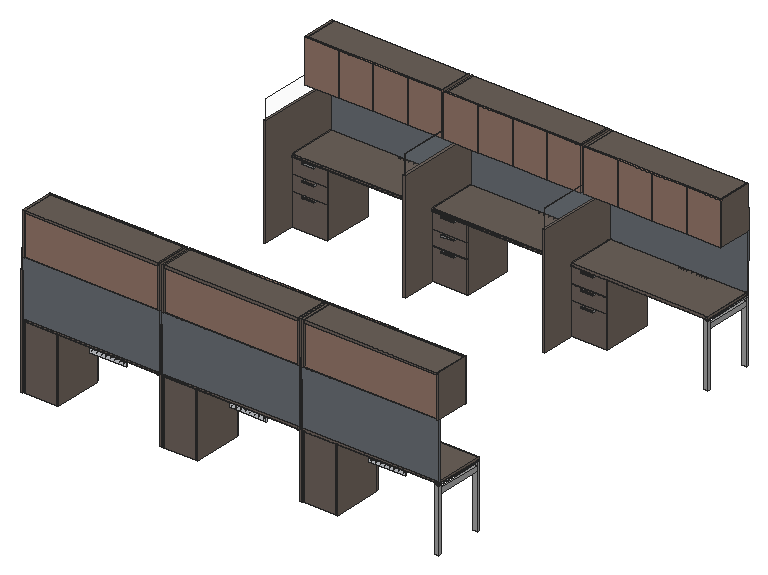
Revit family "OFS TYPICAL T200191", category Furniture, Revit 2022
Family settings
  OmniClass Number = 23.40.20.00
  OmniClass Title = General Furniture and Specialties
  Work Plane-Based = No
  Always vertical = Yes
  Cut with Voids When Loaded = No
  Render Appearance Source = Family Geometry
  Shared = No
  Room Calculation Point = No
Parameters (values of type "T200191")
  URL = "http://ofs.com/"
  Model = "T200191"
  Manufacturer = "OFS"
  Description = "OFS TYPICAL T200191"
  Default Elevation = 0' - 0"
  Copyright © = "©OFS 2025"
  Catalog = ""
  Authoring Version = "Autodesk Revit 2022"
  Assembly Code = "E2020200"
Reference planes (in)
  plane 1 "Center Front/Back": y = 0
  plane 2: z = 0
  plane 3 "Center Left/Right": x = 0
Dimensions and locks (in)
  aligned and locked: level to plane 2
Nested families (in)
  nested 1: "STAKS SUPPORT H LEG" at (165.5, -8.37535, 0) x (-1, 0, 0) z (0, 0, 1), type "STAKS SUPPORT H LEG 22"
  nested 2: "STAKS BENCHING RECTANGULAR WORKSURFACES" at (-6.55498, 1.83365, 0), type "STAKS BENCHING RECTANGULAR WORKSURFACE 60 X 22"
  nested 3: "STAKS BENCHING WORKSURFACE BRACKETS" at (55, -3.0316, 0), type "STAKS BENCHING WORKSURFACE BRACKET 16in"
  nested 4: "STAKS SPINE OR DIVIDER WALL 48in" at (2.83365, 7.55498, 0) x (0, -1, 0) z (0, 0, 1), type "STAKS SPINE OR DIVIDER WALL 48in X 36in"
    with Height Above Floor 4' - 0"
  nested 5: "STAKS FROSTED ACRYLIC PRIVACY PANEL" at (3.2499, -1.5, 0) x (0, 1, 0) z (0, 0, 1), type "STAKS FROSTED ACRYLIC PRIVACY PANEL 35 x 10"
  nested 6: "STAKS WORKSURFACE HEIGHT PEDESTAL - BOX-BOX-FILE - NO RISER SUPPORT" at (-12.16461, -20.00035, 0), type "STAKS WORKSURFACE HEIGHT PEDESTAL - BOX-BOX-FILE - NO RISER SUPPORT 22in D"
  nested 7: "STAKS WALLMOUNT ORGANIZER WITH DOORS Four Doors" at (3.94502, 1.08365, 0), type "STAKS WALLMOUNT ORGANIZER WITH DOORS Four Doors 60in W"
    with Height Above Floor 5' - 11 1/2", 2D Symbol Lines yes
  nested 8: "STAKS BENCHING RECTANGULAR WORKSURFACES" at (54.44502, 1.83365, 0), type "STAKS BENCHING RECTANGULAR WORKSURFACE 60 X 22"
  nested 9: "STAKS BENCHING WORKSURFACE BRACKETS" at (116, -3.0316, 0), type "STAKS BENCHING WORKSURFACE BRACKET 16in"
  nested 10: "STAKS SPINE OR DIVIDER WALL 48in" at (63.83365, 7.55498, 0) x (0, -1, 0) z (0, 0, 1), type "STAKS SPINE OR DIVIDER WALL 48in X 36in"
    with Height Above Floor 4' - 0"
  nested 11: "STAKS FROSTED ACRYLIC PRIVACY PANEL" at (64.2499, -1.5, 0) x (0, 1, 0) z (0, 0, 1), type "STAKS FROSTED ACRYLIC PRIVACY PANEL 35 x 10"
  nested 12: "STAKS WORKSURFACE HEIGHT PEDESTAL - BOX-BOX-FILE - NO RISER SUPPORT" at (48.83539, -20.00035, 0), type "STAKS WORKSURFACE HEIGHT PEDESTAL - BOX-BOX-FILE - NO RISER SUPPORT 22in D"
  nested 13: "STAKS WALLMOUNT ORGANIZER WITH DOORS Four Doors" at (64.94502, 1.08365, 0), type "STAKS WALLMOUNT ORGANIZER WITH DOORS Four Doors 60in W"
    with Height Above Floor 5' - 11 1/2", 2D Symbol Lines yes
  nested 14: "STAKS BENCHING RECTANGULAR WORKSURFACES" at (115.44502, 1.83365, 0), type "STAKS BENCHING RECTANGULAR WORKSURFACE 60 X 22"
  nested 15: "STAKS BENCHING WORKSURFACE BRACKETS" at (177, -3.0316, 0), type "STAKS BENCHING WORKSURFACE BRACKET 16in"
  nested 16: "STAKS SPINE OR DIVIDER WALL 48in" at (124.83365, 7.55498, 0) x (0, -1, 0) z (0, 0, 1), type "STAKS SPINE OR DIVIDER WALL 48in X 36in"
    with Height Above Floor 4' - 0"
  nested 17: "STAKS FROSTED ACRYLIC PRIVACY PANEL" at (125.2499, -1.5, 0) x (0, 1, 0) z (0, 0, 1), type "STAKS FROSTED ACRYLIC PRIVACY PANEL 35 x 10"
  nested 18: "STAKS WORKSURFACE HEIGHT PEDESTAL - BOX-BOX-FILE - NO RISER SUPPORT" at (109.83539, -20.00035, 0), type "STAKS WORKSURFACE HEIGHT PEDESTAL - BOX-BOX-FILE - NO RISER SUPPORT 22in D"
  nested 19: "STAKS WALLMOUNT ORGANIZER WITH DOORS Four Doors" at (125.94502, 1.08365, 0), type "STAKS WALLMOUNT ORGANIZER WITH DOORS Four Doors 60in W"
    with Height Above Floor 5' - 11 1/2", 2D Symbol Lines yes
  nested 20: "STAKS TACKBOARD ONE-PIECE Fabric" at (31, -0.25, 0), type "STAKS ONE-PIECE TACKBOARD Fabric 60in"
  nested 21: "STAKS TACKBOARD ONE-PIECE Fabric" at (92, -0.25, 0), type "STAKS ONE-PIECE TACKBOARD Fabric 60in"
  nested 22: "STAKS TACKBOARD ONE-PIECE Fabric" at (153, -0.25, 0), type "STAKS ONE-PIECE TACKBOARD Fabric 60in"
  nested 23: "STAKS SUPPORT H LEG" at (165.5, -160.62029, 0) x (-1, 0, 0) z (0, 0, 1), type "STAKS SUPPORT H LEG 22"
  nested 24: "STAKS BENCHING RECTANGULAR WORKSURFACES" at (-6.55498, -170.82929, 0), type "STAKS BENCHING RECTANGULAR WORKSURFACE 60 X 22"
  nested 25: "STAKS BENCHING WORKSURFACE BRACKETS" at (55, -165.96404, 0), type "STAKS BENCHING WORKSURFACE BRACKET 16in"
  nested 26: "STAKS SPINE OR DIVIDER WALL 48in" at (2.83365, -176.55062, 0) x (0, 1, 0) z (0, 0, 1), type "STAKS SPINE OR DIVIDER WALL 48in X 36in"
    with Height Above Floor 4' - 0"
  nested 27: "STAKS FROSTED ACRYLIC PRIVACY PANEL" at (3.2499, -167.49564, 0) x (0, -1, 0) z (0, 0, 1), type "STAKS FROSTED ACRYLIC PRIVACY PANEL 35 x 10"
  nested 28: "STAKS WORKSURFACE HEIGHT PEDESTAL - BOX-BOX-FILE - NO RISER SUPPORT" at (-12.16461, -148.99529, 0), type "STAKS WORKSURFACE HEIGHT PEDESTAL - BOX-BOX-FILE - NO RISER SUPPORT 22in D"
  nested 29: "STAKS WALLMOUNT ORGANIZER WITH DOORS Four Doors" at (3.94502, -170.07929, 0), type "STAKS WALLMOUNT ORGANIZER WITH DOORS Four Doors 60in W"
    with Height Above Floor 5' - 11 1/2", 2D Symbol Lines yes
  nested 30: "STAKS BENCHING RECTANGULAR WORKSURFACES" at (54.44502, -170.82929, 0), type "STAKS BENCHING RECTANGULAR WORKSURFACE 60 X 22"
  nested 31: "STAKS BENCHING WORKSURFACE BRACKETS" at (116, -165.96404, 0), type "STAKS BENCHING WORKSURFACE BRACKET 16in"
  nested 32: "STAKS SPINE OR DIVIDER WALL 48in" at (63.83365, -176.55062, 0) x (0, 1, 0) z (0, 0, 1), type "STAKS SPINE OR DIVIDER WALL 48in X 36in"
    with Height Above Floor 4' - 0"
  nested 33: "STAKS FROSTED ACRYLIC PRIVACY PANEL" at (64.2499, -167.49564, 0) x (0, -1, 0) z (0, 0, 1), type "STAKS FROSTED ACRYLIC PRIVACY PANEL 35 x 10"
  nested 34: "STAKS WORKSURFACE HEIGHT PEDESTAL - BOX-BOX-FILE - NO RISER SUPPORT" at (48.83539, -148.99529, 0), type "STAKS WORKSURFACE HEIGHT PEDESTAL - BOX-BOX-FILE - NO RISER SUPPORT 22in D"
  nested 35: "STAKS WALLMOUNT ORGANIZER WITH DOORS Four Doors" at (64.94502, -170.07929, 0), type "STAKS WALLMOUNT ORGANIZER WITH DOORS Four Doors 60in W"
    with Height Above Floor 5' - 11 1/2", 2D Symbol Lines yes
  nested 36: "STAKS BENCHING RECTANGULAR WORKSURFACES" at (115.44502, -170.82929, 0), type "STAKS BENCHING RECTANGULAR WORKSURFACE 60 X 22"
  nested 37: "STAKS BENCHING WORKSURFACE BRACKETS" at (177, -165.96404, 0), type "STAKS BENCHING WORKSURFACE BRACKET 16in"
  nested 38: "STAKS SPINE OR DIVIDER WALL 48in" at (124.83365, -176.55062, 0) x (0, 1, 0) z (0, 0, 1), type "STAKS SPINE OR DIVIDER WALL 48in X 36in"
    with Height Above Floor 4' - 0"
  nested 39: "STAKS FROSTED ACRYLIC PRIVACY PANEL" at (125.2499, -167.49564, 0) x (0, -1, 0) z (0, 0, 1), type "STAKS FROSTED ACRYLIC PRIVACY PANEL 35 x 10"
  nested 40: "STAKS WORKSURFACE HEIGHT PEDESTAL - BOX-BOX-FILE - NO RISER SUPPORT" at (109.83539, -148.99529, 0), type "STAKS WORKSURFACE HEIGHT PEDESTAL - BOX-BOX-FILE - NO RISER SUPPORT 22in D"
  nested 41: "STAKS WALLMOUNT ORGANIZER WITH DOORS Four Doors" at (125.94502, -170.07929, 0), type "STAKS WALLMOUNT ORGANIZER WITH DOORS Four Doors 60in W"
    with Height Above Floor 5' - 11 1/2", 2D Symbol Lines yes
  nested 42: "STAKS TACKBOARD ONE-PIECE Fabric" at (31, -168.74564, 0), type "STAKS ONE-PIECE TACKBOARD Fabric 60in"
  nested 43: "STAKS TACKBOARD ONE-PIECE Fabric" at (92, -168.74564, 0), type "STAKS ONE-PIECE TACKBOARD Fabric 60in"
  nested 44: "STAKS TACKBOARD ONE-PIECE Fabric" at (153, -168.74564, 0), type "STAKS ONE-PIECE TACKBOARD Fabric 60in"
Definition of nested family "STAKS SUPPORT H LEG"
  Parameters (values of type "STAKS SUPPORT H LEG 36")
    URL = "http://www.ofs.com"
    H LEG WIDTH = 3' - 0"
    Model = "6-36HBA1"
    Manufacturer = "OFS"
    PANEL INSERT = no
    Description = "OFS STAKS SUPPORT H LEG 36\" Width, Use with 36\"D Worksurface (single base)"
    Default Elevation = 0' - 0"
    Copyright © = "©OFS 2018"
    Catalog = "https://ofs.com/products/casegoods/private-office/staks"
    Authoring Version = "Autodesk Revit Architecture 2013"
    Assembly Code = ""
  Types (6): name | H LEG WIDTH | Model | PANEL INSERT | Description
    STAKS SUPPORT H LEG 22 | 1' - 10" | "6-22HBA2" | no | "OFS STAKS SUPPORT H LEG 22\" Width, Use with 22\"D Worksurface (set of two)"
    STAKS SUPPORT H LEG 30 | 2' - 6" | "6-30HBA2" | no | "OFS STAKS SUPPORT H LEG 30\" Width, Use with 30\"D Worksurface (set of two)"
    STAKS SUPPORT H LEG 36 | 3' - 0" | "6-36HBA1" | no | "OFS STAKS SUPPORT H LEG 36\" Width, Use with 36\"D Worksurface (single base)"
    STAKS SUPPORT WITH PANEL INSERT H LEG 22 | 1' - 10" | "6-22HBPA2" | yes | "OFS STAKS SUPPORT WITH PANEL INSERT H LEG 22\" Width, Use with 22\"D Worksurface (set of two)"
    STAKS SUPPORT WITH PANEL INSERT H LEG 30 | 2' - 6" | "6-30HBPA2" | yes | "OFS STAKS SUPPORT WITH PANEL INSERT H LEG 30\" Width, Use with 30\"D Worksurface (set of two)"
    STAKS SUPPORT WITH PANEL INSERT H LEG 36 | 3' - 0" | "6-36HBPA1" | yes | "OFS STAKS SUPPORT WITH PANEL INSERT H LEG 36\" Width, Use with 36\"D Worksurface (single base)"
  Reference planes (in)
    plane 1: z = 0
    plane 2 "Center (Front/Back)": y = -2.62465
    plane 3 "Center (Left/Right)": x = -17.5
    plane 4 "H LEG TOP": z = 27.375
    plane 5: x = -15.5
    plane 6: x = -13.5
    plane 7: y = -20.62465
    plane 8: y = 15.37535
    plane 9: z = 27.181
    plane 10: y = 14.37535
    plane 11: y = -19.62465
    plane 12: z = 25.806
    plane 13: z = 23.806
    plane 14: x = -16.5
    plane 15: x = -15.75
    plane 16: z = 25.056
  Forms (in)
    Extrusion 1, solid
      sketch origin (0, 0, 27.375) x (0, -1, 0) y (1, 0, 0)
        loop
          line (-15.37535, -15.5) -> (-15.37535, -17.5) -> (20.62465, -17.5) -> (20.62465, -15.5) -> (19.62465, -15.5) -> (18.46995, -13.5) -> (-13.22065, -13.5) -> (-14.37535, -15.5) -> (-15.37535, -15.5)
      from -0.194 to 0
    Extrusion 2, solid
      sketch origin (0, 0, 27.375) x (0, -1, 0) y (1, 0, 0)
        loop
          line (-14.37535, -15.5) -> (-15.37535, -15.5) -> (-15.37535, -17.5) -> (-14.37535, -17.5) -> (-14.37535, -15.5)
      from -27.375 to -0.194
    Extrusion 3, solid
      sketch origin (0, 0, 27.375) x (0, -1, 0) y (1, 0, 0)
        loop
          line (19.62465, -17.5) -> (20.62465, -17.5) -> (20.62465, -15.5) -> (19.62465, -15.5) -> (19.62465, -17.5)
      from -27.375 to -0.194
    Extrusion 4, solid
      sketch origin (0, -1.24965, 0) x (1, 0, 0) y (0, 0, 1)
        loop
          line (-16.5, 25.806) -> (-17.5, 25.806) -> (-17.5, 23.806) -> (-16.5, 23.806) -> (-16.5, 25.806)
      from -15.625 to 18.375
    Extrusion 5, solid, visible <- "PANEL INSERT"
      sketch origin (0, -1.24965, 0) x (1, 0, 0) y (0, 0, 1)
        loop
          line (-15.75, 25.056) -> (-16.5, 25.056) -> (-16.5, 0) -> (-15.75, 0) -> (-15.75, 25.056)
      from -15.625 to 18.375
  Lines and regions (in)
    Masking region 1
      outline origin (0, 0, 27.375) x (0, -1, 0) y (1, 0, 0)
        loop
          line (19.62465, -15.5) -> (18.46995, -13.5) -> (-13.22065, -13.5) -> (-14.37535, -15.5) -> (-14.37535, -17.5) -> (19.62465, -17.5) -> (19.62465, -15.5)
    Masking region 2
      outline origin (0, 0, 27.375) x (0, -1, 0) y (1, 0, 0)
        loop
          line (-14.37535, -15.5) -> (-15.37535, -15.5) -> (-15.37535, -17.5) -> (-14.37535, -17.5) -> (-14.37535, -15.5)
    Masking region 3
      outline origin (0, 0, 27.375) x (0, -1, 0) y (1, 0, 0)
        loop
          line (20.62465, -15.5) -> (19.62465, -15.5) -> (19.62465, -17.5) -> (20.62465, -17.5) -> (20.62465, -15.5)
    Masking region 4, visible <- "PANEL INSERT"
      outline origin (0, 0, 27.375) x (0, -1, 0) y (1, 0, 0)
        loop
          line (-14.37535, -15.75) -> (-14.37535, -16.5) -> (19.62465, -16.5) -> (19.62465, -15.75) -> (-14.37535, -15.75)
  Dimensions and locks (in)
    locked: plane 4 "H LEG TOP" to plane 1 at 27.375
    plane 3 "Center (Left/Right)" to plane 5 to plane 6 = 0' - 2" locked, 0' - 2" locked
    equal spacing: plane 7, plane 2 "Center (Front/Back)", plane 8
    "H LEG WIDTH": plane 7 to plane 8
    locked: plane 4 "H LEG TOP" to plane 9 at 0.194
    locked: plane 10 to plane 8 at 1
    locked: plane 7 to plane 11 at 1
    locked: plane 9 to plane 12 at 1.375
    locked: plane 12 to plane 13 at 2
    locked: plane 14 to plane 3 "Center (Left/Right)" at 1
    locked: plane 9 to plane 16 at 2.125
    locked: plane 15 to plane 3 "Center (Left/Right)" at 1.75
    locked: Extrusion 1 sketch curve to Extrusion 1 sketch curve (angle 120.00°)  (x2)
    aligned and locked: level to plane 1
    aligned and locked: plane 9 to Extrusion 1
    aligned and locked: Extrusion 1 to plane 4 "H LEG TOP"
    aligned and locked: Extrusion 1 to plane 8
    aligned and locked: plane 7 to Extrusion 1
    aligned and locked: Extrusion 1 sketch curve to plane 3 "Center (Left/Right)"
    aligned and locked: Extrusion 1 sketch curve to plane 8
    aligned and locked: Extrusion 1 sketch curve to plane 5
    aligned and locked: Extrusion 1 sketch curve to plane 6
    aligned and locked: plane 5 to Extrusion 1 sketch curve
    aligned and locked: plane 7 to Extrusion 1 sketch curve
    aligned and locked: Extrusion 3 to plane 1
    aligned and locked: Extrusion 3 to plane 9
    aligned and locked: Extrusion 2 to plane 9
    aligned and locked: Extrusion 2 to plane 1
    aligned and locked: Extrusion 2 sketch curve to plane 8
    aligned and locked: plane 5 to Extrusion 2 sketch curve
    aligned and locked: Extrusion 2 sketch curve to plane 3 "Center (Left/Right)"
    aligned and locked: plane 10 to Extrusion 2 sketch curve
    aligned and locked: plane 7 to Extrusion 3 sketch curve
    aligned and locked: plane 5 to Extrusion 3 sketch curve
    aligned and locked: Extrusion 3 sketch curve to plane 11
    aligned and locked: Extrusion 3 sketch curve to plane 3 "Center (Left/Right)"
    aligned and locked: Extrusion 4 sketch curve to plane 12
    aligned and locked: plane 13 to Extrusion 4 sketch curve
    aligned and locked: Extrusion 4 sketch curve to plane 3 "Center (Left/Right)"
    aligned and locked: plane 14 to Extrusion 4 sketch curve
    aligned and locked: Extrusion 4 to plane 10
    aligned and locked: plane 11 to Extrusion 4
    aligned and locked: Extrusion 5 sketch curve to plane 16
    aligned and locked: Extrusion 5 sketch curve to plane 14
    aligned and locked: plane 15 to Extrusion 5 sketch curve
    aligned and locked: Extrusion 5 sketch curve to plane 1
    aligned and locked: Extrusion 5 to plane 16
    aligned and locked: Extrusion 5 to plane 1
    aligned and locked: plane 11 to Extrusion 5
    aligned and locked: Extrusion 5 to plane 10
  Automatic sketch dimensions
    Extrusion 1 sketch curve to Extrusion 1 sketch curve = 0' - 1"
    Extrusion 1 sketch curve to plane 7 = 0' - 1"
    Masking region 1 sketch curve to plane 5 = 0' - 0"  (x2)
    Masking region 1 sketch curve to plane 6 = 0' - 0"
    Masking region 1 sketch curve to plane 3 "Center (Left/Right)" = 0' - 0"
    plane 8 to Masking region 1 sketch curve = 0' - 1"
    plane 8 to Masking region 1 sketch curve = 0' - 2.1547"
    Masking region 1 sketch curve to plane 7 = 0' - 2.1547"
    Masking region 1 sketch curve to plane 7 = 0' - 1"
    plane 8 to Masking region 2 sketch curve = 0' - 0"
    Masking region 2 sketch curve to plane 3 "Center (Left/Right)" = 0' - 0"
    Masking region 2 sketch curve to plane 5 = 0' - 0"
    Masking region 2 sketch curve to Masking region 2 sketch curve = 0' - 1"
    Masking region 3 sketch curve to plane 3 "Center (Left/Right)" = 0' - 0"
    plane 7 to Masking region 3 sketch curve = 0' - 0"
    Masking region 3 sketch curve to plane 5 = 0' - 0"
    Masking region 3 sketch curve to plane 7 = 0' - 1"
    plane 10 to Masking region 4 sketch curve = 0' - 0"
    plane 11 to Masking region 4 sketch curve = 0' - 0"
    Masking region 4 sketch curve to plane 14 = 0' - 0"
    Masking region 4 sketch curve to plane 15 = 0' - 0"
Definition of nested family "STAKS BENCHING RECTANGULAR WORKSURFACES"
  Parameters (values of type "STAKS BENCHING RECTANGULAR WORKSURFACE 48 X 22")
    URL = "https://www.ofs.com/"
    SURFACE DEPTH = 1' - 10"
    Model = "6-MCT-48/22"
    Manufacturer = "OFS"
    Description = "OFS STAKS BENCHING 48 X 22 RECTANGULAR WORKSURFACE"
    SURFACE WIDTH = 4' - 0"
    Default Elevation = 0' - 0"
    Copyright © = "© 2018 OFS"
    Catalog = "https://ofs.com/products/open-plan/benching/staks"
    Authoring Version = "Autodesk Revit Architecture 2013"
    Assembly Code = "E2020200"
  Types (21): name | SURFACE DEPTH | Model | Description | SURFACE WIDTH
    STAKS BENCHING RECTANGULAR WORKSURFACE 48 X 22 | 1' - 10" | "6-MCT-48/22" | "OFS STAKS BENCHING 48 X 22 RECTANGULAR WORKSURFACE" | 4' - 0"
    STAKS BENCHING RECTANGULAR WORKSURFACE 60 X 22 | 1' - 10" | "6-MCT-60/22" | "OFS STAKS BENCHING 60 X 22 RECTANGULAR WORKSURFACE" | 5' - 0"
    STAKS BENCHING RECTANGULAR WORKSURFACE 72 X 22 | 1' - 10" | "6-MCT-72/22" | "OFS STAKS BENCHING 72 X 22 RECTANGULAR WORKSURFACE" | 6' - 0"
    STAKS BENCHING RECTANGULAR WORKSURFACE 60 X 36 | 3' - 0" | "6-MCT-60/36" | "OFS STAKS BENCHING 60 X 36 RECTANGULAR WORKSURFACE" | 5' - 0"
    STAKS BENCHING RECTANGULAR WORKSURFACE 72 X 36 | 3' - 0" | "6-MCT-72/36" | "OFS STAKS BENCHING 72 X 36 RECTANGULAR WORKSURFACE" | 6' - 0"
    STAKS BENCHING RECTANGULAR WORKSURFACE 60 X 30 | 2' - 6" | "6-MCT-60/30" | "OFS STAKS BENCHING 60 X 30 RECTANGULAR WORKSURFACE" | 5' - 0"
    STAKS BENCHING RECTANGULAR WORKSURFACE 72 X 30 | 2' - 6" | "6-MCT-72/30" | "OFS STAKS BENCHING 72 X 30 RECTANGULAR WORKSURFACE" | 6' - 0"
    STAKS BENCHING RECTANGULAR WORKSURFACE 48 X 30 | 2' - 6" | "6-MCT-48/30" | "OFS STAKS BENCHING 48 X 30 RECTANGULAR WORKSURFACE" | 4' - 0"
    STAKS BENCHING RECTANGULAR WORKSURFACE 48 X 36 | 3' - 0" | "6-MCT-48/36" | "OFS STAKS BENCHING 48 X 36 RECTANGULAR WORKSURFACE" | 4' - 0"
    STAKS BENCHING RECTANGULAR WORKSURFACE 54 X 22 | 1' - 10" | "6-MCT-54/22" | "OFS STAKS BENCHING 54 X 22 RECTANGULAR WORKSURFACE" | 4' - 6"
    STAKS BENCHING RECTANGULAR WORKSURFACE 66 X 22 | 1' - 10" | "6-MCT-66/22" | "OFS STAKS BENCHING 66 X 22 RECTANGULAR WORKSURFACE" | 5' - 6"
    STAKS BENCHING RECTANGULAR WORKSURFACE 78 X 22 | 1' - 10" | "6-MCT-78/22" | "OFS STAKS BENCHING 78 X 22 RECTANGULAR WORKSURFACE" | 6' - 6"
    STAKS BENCHING RECTANGULAR WORKSURFACE 84 X 22 | 1' - 10" | "6-MCT-84/22" | "OFS STAKS BENCHING 84 X 22 RECTANGULAR WORKSURFACE" | 7' - 0"
    STAKS BENCHING RECTANGULAR WORKSURFACE 54 X 30 | 2' - 6" | "6-MCT-54/30" | "OFS STAKS BENCHING 54 X 30 RECTANGULAR WORKSURFACE" | 4' - 6"
    STAKS BENCHING RECTANGULAR WORKSURFACE 66 X 30 | 2' - 6" | "6-MCT-66/30" | "OFS STAKS BENCHING 66 X 30 RECTANGULAR WORKSURFACE" | 5' - 6"
    STAKS BENCHING RECTANGULAR WORKSURFACE 78 X 30 | 2' - 6" | "6-MCT-78/30" | "OFS STAKS BENCHING 78 X 30 RECTANGULAR WORKSURFACE" | 6' - 6"
    STAKS BENCHING RECTANGULAR WORKSURFACE 84 X 30 | 2' - 6" | "6-MCT-84/30" | "OFS STAKS BENCHING 84 X 30 RECTANGULAR WORKSURFACE" | 7' - 0"
    STAKS BENCHING RECTANGULAR WORKSURFACE 54 X 36 | 3' - 0" | "6-MCT-54/36" | "OFS STAKS BENCHING 54 X 36 RECTANGULAR WORKSURFACE" | 4' - 6"
    STAKS BENCHING RECTANGULAR WORKSURFACE 66 X 36 | 3' - 0" | "6-MCT-66/36" | "OFS STAKS BENCHING 66 X 36 RECTANGULAR WORKSURFACE" | 5' - 6"
    STAKS BENCHING RECTANGULAR WORKSURFACE 78 X 36 | 3' - 0" | "6-MCT-78/36" | "OFS STAKS BENCHING 78 X 36 RECTANGULAR WORKSURFACE" | 6' - 6"
    STAKS BENCHING RECTANGULAR WORKSURFACE 84 X 36 | 3' - 0" | "6-MCT-84/36" | "OFS STAKS BENCHING 84 X 36 RECTANGULAR WORKSURFACE" | 6' - 6"
  Reference planes (in)
    plane 1: z = -0.125
    plane 2 "LEFT": x = 7.55498
    plane 3 "RIGHT": x = 55.55498
    plane 4 "BACK": y = -1.83365
    plane 5 "FRONT": y = -23.83365
    plane 6: x = 7.67998
    plane 7: x = 55.42998
    plane 8: y = -1.95865
    plane 9: y = -23.70865
    plane 10: z = 27.75
    plane 11 "SURFACE TOP": z = 28.875
  Forms (in)
    Extrusion 1, solid
      sketch origin (0, 0, 17.125) x (-1, 0, 0) y (0, -1, 0)
        loop
          line (-7.67998, 1.95865) -> (-7.67998, 23.70865) -> (-55.42998, 23.70865) -> (-55.42998, 1.95865) -> (-7.67998, 1.95865)
      from 11.75 to 10.625
    Sweep 2, solid
      path origin (0, 0, 28.875) x (0, 1, 0) y (-1, 0, 0)
        loop
          line (-23.83365, -7.55498) -> (-23.83365, -55.55498) -> (-1.83365, -55.55498) -> (-1.83365, -7.55498) -> (-23.83365, -7.55498)
      profile origin (31.55498, -23.83365, 28.875) x (0, 1, 0) y (0, 0, 1)
        loop
          arc (0.125, 0) -> (0.03661, -0.03661) -> (0, -0.125) r 0.125
          line (0, -0.125) -> (0, -1)
          arc (0, -1) -> (0.03661, -1.08839) -> (0.125, -1.125) r 0.125
          line (0.125, -1.125) -> (0.125, 0)
  Lines and regions (in)
    Masking region 1
      outline origin (0, 0, 16.625) x (-1, 0, 0) y (0, -1, 0)
        loop
          line (-7.67998, 1.95865) -> (-7.55498, 1.83365) -> (-7.55498, 23.83365) -> (-7.67998, 23.70865) -> (-7.67998, 1.95865)
    Masking region 2
      outline origin (0, 0, 16.625) x (-1, 0, 0) y (0, -1, 0)
        loop
          line (-7.55498, 1.83365) -> (-7.67998, 1.95865) -> (-55.42998, 1.95865) -> (-55.55498, 1.83365) -> (-7.55498, 1.83365)
    Masking region 3
      outline origin (0, 0, 16.625) x (-1, 0, 0) y (0, -1, 0)
        loop
          line (-55.55498, 1.83365) -> (-55.42998, 1.95865) -> (-55.42998, 23.70865) -> (-55.55498, 23.83365) -> (-55.55498, 1.83365)
    Masking region 4
      outline origin (0, 0, 16.625) x (-1, 0, 0) y (0, -1, 0)
        loop
          line (-55.55498, 23.83365) -> (-55.42998, 23.70865) -> (-7.67998, 23.70865) -> (-7.55498, 23.83365) -> (-55.55498, 23.83365)
    Masking region 5
      outline origin (0, 0, 16.625) x (-1, 0, 0) y (0, -1, 0)
        loop
          line (-55.42998, 23.70865) -> (-55.42998, 1.95865) -> (-7.67998, 1.95865) -> (-7.67998, 23.70865) -> (-55.42998, 23.70865)
  Dimensions and locks (in)
    "SURFACE DEPTH": plane 4 "BACK" to plane 5 "FRONT"
    "SURFACE WIDTH": plane 2 "LEFT" to plane 3 "RIGHT"
    locked: plane 11 "SURFACE TOP" to plane 10 at 1.125
    locked: plane 4 "BACK" to plane 8 at 0.125
    locked: plane 2 "LEFT" to plane 6 at 0.125
    locked: plane 7 to plane 3 "RIGHT" at 0.125
    locked: plane 9 to plane 5 "FRONT" at 0.125
    aligned: level to plane 1
    aligned and locked: plane 8 to Extrusion 1 sketch curve
    aligned and locked: Extrusion 1 sketch curve to plane 6
    aligned and locked: Extrusion 1 sketch curve to plane 9
    aligned and locked: plane 7 to Extrusion 1 sketch curve
    aligned and locked: plane 11 "SURFACE TOP" to Extrusion 1
    aligned and locked: Extrusion 1 to plane 10
    aligned and locked: Sweep 2 sketch curve to plane 5 "FRONT"
    aligned and locked: Sweep 2 sketch curve to plane 2 "LEFT"
    aligned and locked: plane 4 "BACK" to Sweep 2 sketch curve
    aligned and locked: plane 3 "RIGHT" to Sweep 2 sketch curve
  Automatic sketch dimensions
    Masking region 1 sketch curve to plane 6 = 0' - 0"
    Masking region 1 sketch curve to plane 2 "LEFT" = 0' - 0"
    Masking region 1 sketch curve to plane 4 "BACK" = 0' - 0"
    Masking region 1 sketch curve to plane 8 = 0' - 0"
    Masking region 1 sketch curve to plane 9 = 0' - 0"
    Masking region 1 sketch curve to plane 5 "FRONT" = 0' - 0"
    Masking region 2 sketch curve to plane 3 "RIGHT" = 0' - 0"
    Masking region 2 sketch curve to plane 7 = 0' - 0"
    Masking region 2 sketch curve to plane 6 = 0' - 0"
    Masking region 2 sketch curve to plane 2 "LEFT" = 0' - 0"
    Masking region 2 sketch curve to plane 4 "BACK" = 0' - 0"
    Masking region 2 sketch curve to plane 8 = 0' - 0"
    Masking region 3 sketch curve to plane 3 "RIGHT" = 0' - 0"
    Masking region 3 sketch curve to plane 7 = 0' - 0"
    Masking region 3 sketch curve to plane 4 "BACK" = 0' - 0"
    Masking region 3 sketch curve to plane 8 = 0' - 0"
    Masking region 3 sketch curve to plane 9 = 0' - 0"
    Masking region 3 sketch curve to plane 5 "FRONT" = 0' - 0"
    Masking region 4 sketch curve to plane 3 "RIGHT" = 0' - 0"
    Masking region 4 sketch curve to plane 7 = 0' - 0"
    Masking region 4 sketch curve to plane 6 = 0' - 0"
    Masking region 4 sketch curve to plane 2 "LEFT" = 0' - 0"
    Masking region 4 sketch curve to plane 9 = 0' - 0"
    Masking region 4 sketch curve to plane 5 "FRONT" = 0' - 0"
    Masking region 5 sketch curve to plane 7 = 0' - 0"
    Masking region 5 sketch curve to plane 6 = 0' - 0"
    Masking region 5 sketch curve to plane 8 = 0' - 0"
    Masking region 5 sketch curve to plane 9 = 0' - 0"
    Sweep 2 sketch curve to profile plane = 0' - 0"
    Sweep 2 sketch curve to plane 11 "SURFACE TOP" = 0' - 0"
    Sweep 2 sketch curve to profile plane = 0' - 0 1/8"
    Sweep 2 sketch curve to Sweep 2 sketch curve = 0' - 0 7/8"
Definition of nested family "STAKS BENCHING WORKSURFACE BRACKETS"
  Parameters (values of type "STAKS BENCHING WORKSURFACE BRACKET 16in")
    Width = 1' - 4"
    URL = "http://www.ofs.com/"
    Model = "SCWBKT-1"
    Manufacturer = "OFS"
    Height From Floor = 2' - 3 7/8"
    Height = 0' - 2"
    Description = "OFS STAKS BENCHING WORKSURFACE BRACKET 16in, Connects Worksurface Height or Low Height Worksurface to Storage Towers, Spine or Divider Wall Panel"
    Depth = 0' - 2"
    Default Elevation = 0' - 0"
    Copyright © = "© 2018 OFS"
    Catalog = "https://ofs.com/products/open-plan/benching/staks"
    Bracket Material = none
    Authoring Version = "Autodesk Revit Architecture 2013"
    Assembly Code = "E2020200"
  Types (2): name | Width | Model | Height | Description | Depth
    STAKS BENCHING WORKSURFACE BRACKET 16in | 1' - 4" | "SCWBKT-1" | 0' - 2" | "OFS STAKS BENCHING WORKSURFACE BRACKET 16in, Connects Worksurface Height or Low Height Worksurface to Storage Towers, Spine or Divider Wall Panel" | 0' - 2"
    STAKS BENCHING WORKSURFACE BRACKET 8in | 0' - 8" | "SCWBKT-2" | 0' - 1 1/4" | "OFS STAKS BENCHING WORKSURFACE BRACKET 8in, Connects Worksurface Height or Low Height Worksurface to Spine or Divider Wall Panel" | 0' - 1 1/4"
  Reference planes (in)
    plane 1: z = 0
    plane 2 "Center (Front/Back)": y = 2.0316
    plane 3 "LEFT": x = -24.5
    plane 4 "BASE TOP": z = 27.875
    plane 5 "RIGHT": x = -8.5
    plane 6: z = 25.875
    plane 7: y = 3.0316
    plane 8 "CENTER": x = -16.5
    plane 9: y = 1.0316
  Forms (in)
    Extrusion 1, solid
      sketch origin (-16.5, 0, 0) x (0, 1, 0) y (0, 0, 1)
        loop
          arc (3.0316, 27.625) -> (2.95838, 27.80178) -> (2.7816, 27.875) r 0.25
          line (2.7816, 27.875) -> (1.0316, 27.875) -> (1.0316, 27.8125) -> (2.7816, 27.8125)
          arc (2.7816, 27.8125) -> (2.91418, 27.75758) -> (2.9691, 27.625) r 0.1875
          line (2.9691, 27.625) -> (2.9691, 25.875) -> (3.0316, 25.875) -> (3.0316, 27.625)
      from -8 to 8
    Extrusion 2, void
      sketch origin (0, -0.375, 0) x (1, 0, 0) y (0, 1, 0)
        loop
          circle (-15.5, 1.63818) r 0.09375
        loop
          circle (-13.5, 1.63818) r 0.09375
        loop
          circle (-17.5, 1.63818) r 0.09375
        loop
          circle (-19.5, 1.63818) r 0.09375
        loop
          circle (-11.5, 1.63818) r 0.09375
        loop
          circle (-9.5, 1.63818) r 0.09375
        loop
          circle (-21.5, 1.63818) r 0.09375
        loop
          circle (-23.5, 1.63818) r 0.09375
      from 25.875 to 28.93659
    Extrusion 3, void
      sketch origin (0, -25.5934, 25.2184) x (1, 0, 0) y (0, 0, -1)
        loop
          circle (-15.5, -1.63818) r 0.09375
        loop
          circle (-13.5, -1.63818) r 0.09375
        loop
          circle (-17.5, -1.63818) r 0.09375
        loop
          circle (-19.5, -1.63818) r 0.09375
        loop
          circle (-11.5, -1.63818) r 0.09375
        loop
          circle (-9.5, -1.63818) r 0.09375
        loop
          circle (-21.5, -1.63818) r 0.09375
        loop
          circle (-23.5, -1.63818) r 0.09375
      from 26.625 to 29.80914
    Extrusion 4, void, not visible
      sketch origin (0, 0, 0) x (1, 0, 0) y (0, 1, 0)
        loop
          circle (-15.5, 1.63818) r 0.09375
        loop
          circle (-13.5, 1.63818) r 0.09375
        loop
          circle (-17.5, 1.63818) r 0.09375
        loop
          circle (-19.5, 1.63818) r 0.09375
        loop
          circle (-11.5, 1.63818) r 0.09375
        loop
          circle (-9.5, 1.63818) r 0.09375
        loop
          circle (-21.5, 1.63818) r 0.09375
        loop
          circle (-23.5, 1.63818) r 0.09375
      from 25.875 to 28.93659
    Extrusion 5, void, not visible
      sketch origin (0, -25.2184, 25.2184) x (1, 0, 0) y (0, 0, -1)
        loop
          circle (-15.5, -1.63818) r 0.09375
        loop
          circle (-13.5, -1.63818) r 0.09375
        loop
          circle (-17.5, -1.63818) r 0.09375
        loop
          circle (-19.5, -1.63818) r 0.09375
        loop
          circle (-11.5, -1.63818) r 0.09375
        loop
          circle (-9.5, -1.63818) r 0.09375
        loop
          circle (-21.5, -1.63818) r 0.09375
        loop
          circle (-23.5, -1.63818) r 0.09375
      from 26.625 to 29.80914
  Cuts and joins
    Extrusion 2, Extrusion 3 cuts Extrusion 1
  Dimensions and locks (in)
    "Height From Floor": plane 4 "BASE TOP" to plane 1
    "Height": plane 4 "BASE TOP" to plane 6
    equal spacing: plane 3 "LEFT", plane 8 "CENTER", plane 5 "RIGHT"
    equal spacing: plane 9, plane 2 "Center (Front/Back)", plane 7
    "Width": plane 3 "LEFT" to plane 5 "RIGHT"
    "Depth": plane 9 to plane 7
    aligned and locked: level to plane 1
    aligned and locked: plane 7 to Extrusion 1 sketch curve
    aligned and locked: plane 4 "BASE TOP" to Extrusion 1 sketch curve
    aligned and locked: plane 6 to Extrusion 1 sketch curve
    aligned and locked: plane 9 to Extrusion 1 sketch curve
    aligned and locked: plane 5 "RIGHT" to Extrusion 1
    aligned and locked: Extrusion 1 to plane 3 "LEFT"
    aligned and locked: plane 9 to Extrusion 3
  Automatic sketch dimensions
    Extrusion 1 sketch curve to Extrusion 1 sketch curve = 0' - 0"  (x2)
    plane 7 to Extrusion 1 sketch curve = 0' - 0 1/4"
    plane 4 "BASE TOP" to Extrusion 1 sketch curve = 0' - 0 1/16"
    Extrusion 2 sketch curve to Extrusion 2 sketch curve = 0' - 2"  (x7)
    Extrusion 3 sketch curve to Extrusion 3 sketch curve = 0' - 2"  (x7)
    Extrusion 2 sketch curve to Extrusion 2 sketch curve = 0' - 0"  (x7)
    Extrusion 3 sketch curve to Extrusion 3 sketch curve = 0' - 0"  (x7)
    Extrusion 4 sketch curve to Extrusion 4 sketch curve = 0' - 2"  (x7)
    Extrusion 5 sketch curve to Extrusion 5 sketch curve = 0' - 2"  (x7)
    Extrusion 4 sketch curve to Extrusion 4 sketch curve = 0' - 0"  (x7)
    Extrusion 5 sketch curve to Extrusion 5 sketch curve = 0' - 0"  (x7)
    radius of Extrusion 2 sketch curve = 0' - 0 3/32"  (x8)
    radius of Extrusion 3 sketch curve = 0' - 0 3/32"  (x8)
    radius of Extrusion 4 sketch curve = 0' - 0 3/32"  (x8)
    radius of Extrusion 5 sketch curve = 0' - 0 3/32"  (x8)
Definition of nested family "STAKS SPINE OR DIVIDER WALL 48in"
  Parameters (values of type "STAKS SPINE OR DIVIDER WALL 48in X 24in")
    URL = "http://www.ofs.com/"
    Height Above Floor [instance] = 4' - 0"
    Height = 4' - 0"
    Depth = 0' - 1"
    Model = "6-PAN-48/24"
    Manufacturer = "OFS"
    Description = "OFS STAKS SPINE OR DIVIDER WALL 48\" Height x 24\" Width, Levelers allow 2.5\" Height Adjustability for Uneven Floor"
    Width = 2' - 0"
    Default Elevation = 0' - 0"
    Copyright © = "© 2018 OFS"
    Catalog = "https://ofs.com/products/casegoods/private-office/staks"
    Authoring Version = "Autodesk Revit Architecture 2013"
    Assembly Code = "E2020200"
  Types (19): name | Model | Description | Width
    STAKS SPINE OR DIVIDER WALL 48in X 24in | "6-PAN-48/24" | "OFS STAKS SPINE OR DIVIDER WALL 48\" Height x 24\" Width, Levelers allow 2.5\" Height Adjustability for Uneven Floor" | 2' - 0"
    STAKS SPINE OR DIVIDER WALL 48in X 33in | "6-PAN-48/33" | "OFS STAKS SPINE OR DIVIDER WALL 48\" Height x 33\" Width, Levelers allow 2.5\" Height Adjustability for Uneven Floor" | 2' - 9"
    STAKS SPINE OR DIVIDER WALL 48in X 26in | "6-PAN-48/26" | "OFS STAKS SPINE OR DIVIDER WALL 48\" Height x 26\" Width, Levelers allow 2.5\" Height Adjustability for Uneven Floor" | 2' - 2"
    STAKS SPINE OR DIVIDER WALL 48in X 30in | "6-PAN-48/30" | "OFS STAKS SPINE OR DIVIDER WALL 48\" Height x 30\" Width, Levelers allow 2.5\" Height Adjustability for Uneven Floor" | 2' - 6"
    STAKS SPINE OR DIVIDER WALL 48in X 36in | "6-PAN-48/36" | "OFS STAKS SPINE OR DIVIDER WALL 48\" Height x 36\" Width, Levelers allow 2.5\" Height Adjustability for Uneven Floor" | 3' - 0"
    STAKS SPINE OR DIVIDER WALL 48in X 37in | "6-PAN-48/37" | "OFS STAKS SPINE OR DIVIDER WALL 48\" Height x 37\" Width, Levelers allow 2.5\" Height Adjustability for Uneven Floor" | 3' - 1"
    STAKS SPINE OR DIVIDER WALL 48in X 39in | "6-PAN-48/39" | "OFS STAKS SPINE OR DIVIDER WALL 48\" Height x 39\" Width, Levelers allow 2.5\" Height Adjustability for Uneven Floor" | 3' - 3"
    STAKS SPINE OR DIVIDER WALL 48in X 40in | "6-PAN-48/40" | "OFS STAKS SPINE OR DIVIDER WALL 48\" Height x 40\" Width, Levelers allow 2.5\" Height Adjustability for Uneven Floor" | 3' - 4"
    STAKS SPINE OR DIVIDER WALL 48in X 42in | "6-PAN-48/42" | "OFS STAKS SPINE OR DIVIDER WALL 48\" Height x 42\" Width, Levelers allow 2.5\" Height Adjustability for Uneven Floor" | 3' - 6"
    STAKS SPINE OR DIVIDER WALL 48in X 44in | "6-PAN-48/44" | "OFS STAKS SPINE OR DIVIDER WALL 48\" Height x 44\" Width, Levelers allow 2.5\" Height Adjustability for Uneven Floor" | 3' - 8"
    STAKS SPINE OR DIVIDER WALL 48in X 45in | "6-PAN-48/45" | "OFS STAKS SPINE OR DIVIDER WALL 48\" Height x 45\" Width, Levelers allow 2.5\" Height Adjustability for Uneven Floor" | 3' - 9"
    STAKS SPINE OR DIVIDER WALL 48in X 47in | "6-PAN-48/47" | "OFS STAKS SPINE OR DIVIDER WALL 48\" Height x 47\" Width, Levelers allow 2.5\" Height Adjustability for Uneven Floor" | 3' - 11"
    STAKS SPINE OR DIVIDER WALL 48in X 48in | "6-PAN-48/48" | "OFS STAKS SPINE OR DIVIDER WALL 48\" Height x 48\" Width, Levelers allow 2.5\" Height Adjustability for Uneven Floor" | 4' - 0"
    STAKS SPINE OR DIVIDER WALL 48in X 49in | "6-PAN-48/49" | "OFS STAKS SPINE OR DIVIDER WALL 48\" Height x 49\" Width, Levelers allow 2.5\" Height Adjustability for Uneven Floor" | 4' - 1"
    STAKS SPINE OR DIVIDER WALL 48in X 52in | "6-PAN-48/52" | "OFS STAKS SPINE OR DIVIDER WALL 48\" Height x 52\" Width, Levelers allow 2.5\" Height Adjustability for Uneven Floor" | 4' - 4"
    STAKS SPINE OR DIVIDER WALL 48in X 54in | "6-PAN-48/54" | "OFS STAKS SPINE OR DIVIDER WALL 48\" Height x 54\" Width, Levelers allow 2.5\" Height Adjustability for Uneven Floor" | 4' - 6"
    STAKS SPINE OR DIVIDER WALL 48in X 56in | "6-PAN-48/56" | "OFS STAKS SPINE OR DIVIDER WALL 48\" Height x 56\" Width, Levelers allow 2.5\" Height Adjustability for Uneven Floor" | 4' - 8"
    STAKS SPINE OR DIVIDER WALL 48in X 58in | "6-PAN-48/58" | "OFS STAKS SPINE OR DIVIDER WALL 48\" Height x 58\" Width, Levelers allow 2.5\" Height Adjustability for Uneven Floor" | 4' - 10"
    STAKS SPINE OR DIVIDER WALL 48in X 59in | "6-PAN-48/59" | "OFS STAKS SPINE OR DIVIDER WALL 48\" Height x 59\" Width, Levelers allow 2.5\" Height Adjustability for Uneven Floor" | 4' - 11"
  Reference planes (in)
    plane 1: z = -0.125
    plane 2 "LEFT": x = 7.55498
    plane 3 "RIGHT": x = 31.55498
    plane 4 "BACK": y = -1.83365
    plane 5 "FRONT": y = -2.83365
    plane 6: x = 7.67998
    plane 7: x = 31.42998
    plane 8: y = -1.95865
    plane 9: y = -2.70865
    plane 10: z = -0.125
    plane 11 "SURFACE TOP": z = 47.875
  Forms (in)
    Extrusion 1, solid
      sketch origin (0, 0, 17.125) x (-1, 0, 0) y (0, -1, 0)
        loop
          line (-7.55498, 1.83365) -> (-7.55498, 2.83365) -> (-31.55498, 2.83365) -> (-31.55498, 1.83365) -> (-7.55498, 1.83365)
      from 30.75 to -17.25
  Lines and regions (in)
    symbolic lines
      curve 1: line (7.55498, -1.83365, 47.875) -> (31.55498, -1.83365, 47.875)
      curve 2: line (7.55498, -2.83365, 47.875) -> (7.55498, -1.83365, 47.875)
      curve 3: line (31.55498, -2.83365, 47.875) -> (7.55498, -2.83365, 47.875)
      curve 4: line (31.55498, -1.83365, 47.875) -> (31.55498, -2.83365, 47.875)
  Dimensions and locks (in)
    "Depth": plane 4 "BACK" to plane 5 "FRONT"
    "Width": plane 2 "LEFT" to plane 3 "RIGHT"
    "Height": plane 11 "SURFACE TOP" to plane 10
    locked: plane 4 "BACK" to plane 8 at 0.125
    locked: plane 2 "LEFT" to plane 6 at 0.125
    locked: plane 7 to plane 3 "RIGHT" at 0.125
    locked: plane 9 to plane 5 "FRONT" at 0.125
    "Height Above Floor": plane 11 "SURFACE TOP" to level
    aligned: level to plane 1
    aligned and locked: plane 11 "SURFACE TOP" to Extrusion 1
    aligned and locked: Extrusion 1 to plane 10
    aligned and locked: plane 4 "BACK" to Extrusion 1 sketch curve
    aligned and locked: Extrusion 1 sketch curve to plane 2 "LEFT"
    aligned and locked: Extrusion 1 sketch curve to plane 5 "FRONT"
    aligned and locked: plane 3 "RIGHT" to Extrusion 1 sketch curve
    aligned and locked: curve 1 to Extrusion 1
    aligned and locked: curve 2 to Extrusion 1
    aligned and locked: curve 3 to Extrusion 1
    aligned and locked: curve 4 to Extrusion 1
Definition of nested family "STAKS FROSTED ACRYLIC PRIVACY PANEL"
  Parameters (values of type "STAKS FROSTED ACRYLIC PRIVACY PANEL 23 x 10")
    Width = 1' - 11"
    URL = "http://www.ofs.com/"
    Model = "6-PVPA-23/10"
    Manufacturer = "OFS"
    Height From Floor = 4' - 8"
    Height = 0' - 10"
    Description = "OFS STAKS FROSTED ACRYLIC PRIVACY PANEL 23 x 10, Recessed 1.5\" Inside Wall Panel"
    Depth = 0' - 0 1/4"
    Default Elevation = 0' - 0"
    Copyright © = "© 2018 OFS"
    Catalog = "https://ofs.com/products/casegoods/private-office/staks"
    Shelf Material = none
    Authoring Version = "Autodesk Revit Architecture 2013"
    Assembly Code = "E2020200"
  Types (38): name | Width | Model | Height From Floor | Height | Description
    STAKS FROSTED ACRYLIC PRIVACY PANEL 23 x 10 | 1' - 11" | "6-PVPA-23/10" | 4' - 8" | 0' - 10" | "OFS STAKS FROSTED ACRYLIC PRIVACY PANEL 23 x 10, Recessed 1.5\" Inside Wall Panel"
    STAKS FROSTED ACRYLIC PRIVACY PANEL 25 x 10 | 2' - 1" | "6-PVPA-25/10" | 4' - 8" | 0' - 10" | "OFS STAKS FROSTED ACRYLIC PRIVACY PANEL 25 x 10, Recessed 1.5\" Inside Wall Panel"
    STAKS FROSTED ACRYLIC PRIVACY PANEL 29 x 10 | 2' - 5" | "6-PVPA-29/10" | 4' - 8" | 0' - 10" | "OFS STAKS FROSTED ACRYLIC PRIVACY PANEL 29 x 10, Recessed 1.5\" Inside Wall Panel"
    STAKS FROSTED ACRYLIC PRIVACY PANEL 32 x 10 | 2' - 8" | "6-PVPA-32/10" | 4' - 8" | 0' - 10" | "OFS STAKS FROSTED ACRYLIC PRIVACY PANEL 32 x 10, Recessed 1.5\" Inside Wall Panel"
    STAKS FROSTED ACRYLIC PRIVACY PANEL 35 x 10 | 2' - 11" | "6-PVPA-35/10" | 4' - 8" | 0' - 10" | "OFS STAKS FROSTED ACRYLIC PRIVACY PANEL 35 x 10, Recessed 1.5\" Inside Wall Panel"
    STAKS FROSTED ACRYLIC PRIVACY PANEL 36 x 10 | 3' - 0" | "6-PVPA-36/10" | 4' - 8" | 0' - 10" | "OFS STAKS FROSTED ACRYLIC PRIVACY PANEL 36 x 10, Recessed 1.5\" Inside Wall Panel"
    STAKS FROSTED ACRYLIC PRIVACY PANEL 38 x 10 | 3' - 2" | "6-PVPA-38/10" | 4' - 8" | 0' - 10" | "OFS STAKS FROSTED ACRYLIC PRIVACY PANEL 38 x 10, Recessed 1.5\" Inside Wall Panel"
    STAKS FROSTED ACRYLIC PRIVACY PANEL 39 x 10 | 3' - 3" | "6-PVPA-39/10" | 4' - 8" | 0' - 10" | "OFS STAKS FROSTED ACRYLIC PRIVACY PANEL 39 x 10, Recessed 1.5\" Inside Wall Panel"
    STAKS FROSTED ACRYLIC PRIVACY PANEL 41 x 10 | 3' - 5" | "6-PVPA-41/10" | 4' - 8" | 0' - 10" | "OFS STAKS FROSTED ACRYLIC PRIVACY PANEL 41 x 10, Recessed 1.5\" Inside Wall Panel"
    STAKS FROSTED ACRYLIC PRIVACY PANEL 43 x 10 | 3' - 7" | "6-PVPA-43/10" | 4' - 8" | 0' - 10" | "OFS STAKS FROSTED ACRYLIC PRIVACY PANEL 43 x 10, Recessed 1.5\" Inside Wall Panel"
    STAKS FROSTED ACRYLIC PRIVACY PANEL 44 x 10 | 3' - 8" | "6-PVPA-44/10" | 4' - 8" | 0' - 10" | "OFS STAKS FROSTED ACRYLIC PRIVACY PANEL 44 x 10, Recessed 1.5\" Inside Wall Panel"
    STAKS FROSTED ACRYLIC PRIVACY PANEL 46 x 10 | 3' - 10" | "6-PVPA-46/10" | 4' - 8" | 0' - 10" | "OFS STAKS FROSTED ACRYLIC PRIVACY PANEL 46 x 10, Recessed 1.5\" Inside Wall Panel"
    STAKS FROSTED ACRYLIC PRIVACY PANEL 47 x 10 | 3' - 11" | "6-PVPA-47/10" | 4' - 8" | 0' - 10" | "OFS STAKS FROSTED ACRYLIC PRIVACY PANEL 47 x 10, Recessed 1.5\" Inside Wall Panel"
    STAKS FROSTED ACRYLIC PRIVACY PANEL 48 x 10 | 4' - 0" | "6-PVPA-48/10" | 4' - 8" | 0' - 10" | "OFS STAKS FROSTED ACRYLIC PRIVACY PANEL 48 x 10, Recessed 1.5\" Inside Wall Panel"
    STAKS FROSTED ACRYLIC PRIVACY PANEL 51 x 10 | 4' - 3" | "6-PVPA-51/10" | 4' - 8" | 0' - 10" | "OFS STAKS FROSTED ACRYLIC PRIVACY PANEL 51 x 10, Recessed 1.5\" Inside Wall Panel"
    STAKS FROSTED ACRYLIC PRIVACY PANEL 53 x 10 | 4' - 5" | "6-PVPA-53/10" | 4' - 8" | 0' - 10" | "OFS STAKS FROSTED ACRYLIC PRIVACY PANEL 53 x 10, Recessed 1.5\" Inside Wall Panel"
    STAKS FROSTED ACRYLIC PRIVACY PANEL 55 x 10 | 4' - 7" | "6-PVPA-55/10" | 4' - 8" | 0' - 10" | "OFS STAKS FROSTED ACRYLIC PRIVACY PANEL 55 x 10, Recessed 1.5\" Inside Wall Panel"
    STAKS FROSTED ACRYLIC PRIVACY PANEL 57 x 10 | 4' - 9" | "6-PVPA-57/10" | 4' - 8" | 0' - 10" | "OFS STAKS FROSTED ACRYLIC PRIVACY PANEL 57 x 10, Recessed 1.5\" Inside Wall Panel"
    STAKS FROSTED ACRYLIC PRIVACY PANEL 58 x 10 | 4' - 10" | "6-PVPA-58/10" | 4' - 8" | 0' - 10" | "OFS STAKS FROSTED ACRYLIC PRIVACY PANEL 58 x 10, Recessed 1.5\" Inside Wall Panel"
    STAKS FROSTED ACRYLIC PRIVACY PANEL 23 x 13 | 1' - 11" | "6-PVPA-23/13" | 4' - 11" | 1' - 1" | "OFS STAKS FROSTED ACRYLIC PRIVACY PANEL 23 x 13, Recessed 1.5\" Inside Wall Panel"
    STAKS FROSTED ACRYLIC PRIVACY PANEL 25 x 13 | 2' - 1" | "6-PVPA-25/13" | 4' - 11" | 1' - 1" | "OFS STAKS FROSTED ACRYLIC PRIVACY PANEL 25 x 13, Recessed 1.5\" Inside Wall Panel"
    STAKS FROSTED ACRYLIC PRIVACY PANEL 29 x 13 | 2' - 5" | "6-PVPA-29/13" | 4' - 11" | 1' - 1" | "OFS STAKS FROSTED ACRYLIC PRIVACY PANEL 29 x 13, Recessed 1.5\" Inside Wall Panel"
    STAKS FROSTED ACRYLIC PRIVACY PANEL 32 x 13 | 2' - 8" | "6-PVPA-32/13" | 4' - 11" | 1' - 1" | "OFS STAKS FROSTED ACRYLIC PRIVACY PANEL 32 x 13, Recessed 1.5\" Inside Wall Panel"
    STAKS FROSTED ACRYLIC PRIVACY PANEL 35 x 13 | 2' - 11" | "6-PVPA-35/13" | 4' - 11" | 1' - 1" | "OFS STAKS FROSTED ACRYLIC PRIVACY PANEL 35 x 13, Recessed 1.5\" Inside Wall Panel"
    STAKS FROSTED ACRYLIC PRIVACY PANEL 36 x 13 | 3' - 0" | "6-PVPA-36/13" | 4' - 11" | 1' - 1" | "OFS STAKS FROSTED ACRYLIC PRIVACY PANEL 36 x 13, Recessed 1.5\" Inside Wall Panel"
    STAKS FROSTED ACRYLIC PRIVACY PANEL 38 x 13 | 3' - 2" | "6-PVPA-38/13" | 4' - 11" | 1' - 1" | "OFS STAKS FROSTED ACRYLIC PRIVACY PANEL 38 x 13, Recessed 1.5\" Inside Wall Panel"
    STAKS FROSTED ACRYLIC PRIVACY PANEL 39 x 13 | 3' - 3" | "6-PVPA-39/13" | 4' - 11" | 1' - 1" | "OFS STAKS FROSTED ACRYLIC PRIVACY PANEL 39 x 13, Recessed 1.5\" Inside Wall Panel"
    STAKS FROSTED ACRYLIC PRIVACY PANEL 41 x 13 | 3' - 5" | "6-PVPA-41/13" | 4' - 11" | 1' - 1" | "OFS STAKS FROSTED ACRYLIC PRIVACY PANEL 41 x 13, Recessed 1.5\" Inside Wall Panel"
    STAKS FROSTED ACRYLIC PRIVACY PANEL 43 x 13 | 3' - 7" | "6-PVPA-43/13" | 4' - 11" | 1' - 1" | "OFS STAKS FROSTED ACRYLIC PRIVACY PANEL 43 x 13, Recessed 1.5\" Inside Wall Panel"
    STAKS FROSTED ACRYLIC PRIVACY PANEL 44 x 13 | 3' - 8" | "6-PVPA-44/13" | 4' - 11" | 1' - 1" | "OFS STAKS FROSTED ACRYLIC PRIVACY PANEL 44 x 13, Recessed 1.5\" Inside Wall Panel"
    STAKS FROSTED ACRYLIC PRIVACY PANEL 46 x 13 | 3' - 10" | "6-PVPA-46/13" | 4' - 11" | 1' - 1" | "OFS STAKS FROSTED ACRYLIC PRIVACY PANEL 46 x 13, Recessed 1.5\" Inside Wall Panel"
    STAKS FROSTED ACRYLIC PRIVACY PANEL 47 x 13 | 3' - 11" | "6-PVPA-47/13" | 4' - 11" | 1' - 1" | "OFS STAKS FROSTED ACRYLIC PRIVACY PANEL 47 x 13, Recessed 1.5\" Inside Wall Panel"
    STAKS FROSTED ACRYLIC PRIVACY PANEL 48 x 13 | 4' - 0" | "6-PVPA-48/13" | 4' - 11" | 1' - 1" | "OFS STAKS FROSTED ACRYLIC PRIVACY PANEL 48 x 13, Recessed 1.5\" Inside Wall Panel"
    STAKS FROSTED ACRYLIC PRIVACY PANEL 51 x 13 | 4' - 3" | "6-PVPA-51/13" | 4' - 11" | 1' - 1" | "OFS STAKS FROSTED ACRYLIC PRIVACY PANEL 51 x 13, Recessed 1.5\" Inside Wall Panel"
    STAKS FROSTED ACRYLIC PRIVACY PANEL 53 x 13 | 4' - 5" | "6-PVPA-53/13" | 4' - 11" | 1' - 1" | "OFS STAKS FROSTED ACRYLIC PRIVACY PANEL 53 x 13, Recessed 1.5\" Inside Wall Panel"
    STAKS FROSTED ACRYLIC PRIVACY PANEL 55 x 13 | 4' - 7" | "6-PVPA-55/13" | 4' - 11" | 1' - 1" | "OFS STAKS FROSTED ACRYLIC PRIVACY PANEL 55 x 13, Recessed 1.5\" Inside Wall Panel"
    STAKS FROSTED ACRYLIC PRIVACY PANEL 57 x 13 | 4' - 9" | "6-PVPA-57/13" | 4' - 11" | 1' - 1" | "OFS STAKS FROSTED ACRYLIC PRIVACY PANEL 57 x 13, Recessed 1.5\" Inside Wall Panel"
    STAKS FROSTED ACRYLIC PRIVACY PANEL 58 x 13 | 4' - 10" | "6-PVPA-58/13" | 4' - 11" | 1' - 1" | "OFS STAKS FROSTED ACRYLIC PRIVACY PANEL 58 x 13, Recessed 1.5\" Inside Wall Panel"
  Reference planes (in)
    plane 1: z = 0
    plane 2 "Center (Front/Back)": y = 2.75035
    plane 3 "LEFT": x = -28
    plane 4 "BASE TOP": z = 56
    plane 5 "RIGHT": x = -5
    plane 6: z = 46
    plane 7: y = 2.87535
    plane 8 "CENTER": x = -16.5
    plane 9: y = 2.62535
  Forms (in)
    Extrusion 1, solid, material <- "Shelf Material"
      sketch origin (0, 2.75035, 0) x (1, 0, 0) y (0, 0, 1)
        loop
          line (-28, 56) -> (-28, 46) -> (-5, 46) -> (-5, 56) -> (-28, 56)
      from -0.125 to 0.125
  Dimensions and locks (in)
    "Height From Floor": plane 4 "BASE TOP" to plane 1
    "Height": plane 4 "BASE TOP" to plane 6
    equal spacing: plane 3 "LEFT", plane 8 "CENTER", plane 5 "RIGHT"
    equal spacing: plane 9, plane 2 "Center (Front/Back)", plane 7
    "Width": plane 3 "LEFT" to plane 5 "RIGHT"
    "Depth": plane 9 to plane 7
    aligned and locked: level to plane 1
    aligned and locked: Extrusion 1 sketch curve to plane 4 "BASE TOP"
    aligned and locked: plane 3 "LEFT" to Extrusion 1 sketch curve
    aligned and locked: Extrusion 1 sketch curve to plane 6
    aligned and locked: Extrusion 1 sketch curve to plane 5 "RIGHT"
    aligned and locked: Extrusion 1 to plane 7
    aligned and locked: plane 9 to Extrusion 1
Definition of nested family "STAKS WORKSURFACE HEIGHT PEDESTAL - BOX-BOX-FILE - NO RISER SUPPORT"
  Parameters (values of type "STAKS WORKSURFACE HEIGHT PEDESTAL - BOX-BOX-FILE - NO RISER SUPPORT 19in D")
    URL = "http://www.ofs.com/"
    Riser Support = 0' - 0"
    Model = "6-NW1619MPD1"
    Manufacturer = "OFS"
    Height = 2' - 3 7/8"
    Drawer Material = none
    Drawer Handle Width = 0' - 5 7/16"
    Drawer Handle Material = none
    Description = "OFS STAKS WORKSURFACE HEIGHT PEDESTAL - BOX-BOX-FILE - NO RISER SUPPORT 19\" D, Two Box Drawers, Use with 22\"D Worksurfaces"
    Width = 1' - 3 5/8"
    Depth = 1' - 7 3/8"
    Default Elevation = 0' - 0"
    DH2 = 0' - 6 1/2"
    DH1 = 1' - 2 3/8"
    Copyright © = "© 2018 OFS"
    Chasis Material = none
    Catalog = "https://ofs.com/products/casegoods/private-office/staks"
    Board Thickness = 0' - 0 3/4"
    Authoring Version = "Autodesk Revit Architecture 2013"
    Assembly Code = "E2020200"
  Types (6): name | Model | Description | Depth
    STAKS WORKSURFACE HEIGHT PEDESTAL - BOX-BOX-FILE - NO RISER SUPPORT 19in D | "6-NW1619MPD1" | "OFS STAKS WORKSURFACE HEIGHT PEDESTAL - BOX-BOX-FILE - NO RISER SUPPORT 19\" D, Two Box Drawers, Use with 22\"D Worksurfaces" | 1' - 7 3/8"
    STAKS WORKSURFACE HEIGHT PEDESTAL - BOX-BOX-FILE - NO RISER SUPPORT 22in D | "6-NW1622MPD1" | "OFS STAKS WORKSURFACE HEIGHT PEDESTAL - BOX-BOX-FILE - NO RISER SUPPORT 22\" D, Two Box Drawers, Use with 22\"D Worksurfaces" | 1' - 9 7/8"
    STAKS WORKSURFACE HEIGHT PEDESTAL - BOX-BOX-FILE - NO RISER SUPPORT 27in D | "6-NW1627MPD1" | "OFS STAKS WORKSURFACE HEIGHT PEDESTAL - BOX-BOX-FILE - NO RISER SUPPORT 27\" D, Two Box Drawers, Use with 30\"D Worksurfaces" | 2' - 3 3/8"
    STAKS WORKSURFACE HEIGHT PEDESTAL - BOX-BOX-FILE - NO RISER SUPPORT 30in D | "6-NW1630MPD1" | "OFS STAKS WORKSURFACE HEIGHT PEDESTAL - BOX-BOX-FILE - NO RISER SUPPORT 30\" D, Two Box Drawers, Use with 30\"D Worksurfaces" | 2' - 5 7/8"
    STAKS WORKSURFACE HEIGHT PEDESTAL - BOX-BOX-FILE - NO RISER SUPPORT 33in D | "6-NW1633MPD1" | "OFS STAKS WORKSURFACE HEIGHT PEDESTAL - BOX-BOX-FILE - NO RISER SUPPORT 33\" D, Two Box Drawers, Use with 36\"D Worksurfaces" | 2' - 9 3/8"
    STAKS WORKSURFACE HEIGHT PEDESTAL - BOX-BOX-FILE - NO RISER SUPPORT 36in D | "6-NW1636MPD1" | "OFS STAKS WORKSURFACE HEIGHT PEDESTAL - BOX-BOX-FILE - NO RISER SUPPORT 36\" D, Two Box Drawers, Use with 36\"D Worksurfaces" | 2' - 11 7/8"
  Reference planes (in)
    plane 1: z = 0
    plane 2 "Right": x = 20.97711
    plane 3: z = 27.875
    plane 4: z = 14.375
    plane 5: z = 14.25
    plane 6: z = 0
    plane 7: z = 14
    plane 8: z = 27.625
    plane 9: z = 13.531
    plane 10: z = 27.15625
    plane 11: x = 13.16461
    plane 12: y = 1.37535
    plane 13: y = 0.62535
    plane 14: x = 13.22711
    plane 15: x = 28.72661
    plane 16: x = 13.91461
    plane 17: y = 20.00035
    plane 18: x = 28.78961
    plane 19: x = 28.03961
    plane 20: x = 18.25836
    plane 21: x = 18.63336
    plane 22: x = 23.69586
    plane 23: x = 23.32086
    plane 24: y = -0.18715
    plane 25: y = -0.37465
    plane 26: z = 20.875
    plane 27: z = 20.75
    plane 28: z = 20.5
    plane 29: z = 20.031
    plane 30: z = 0.25
    plane 31: y = 19.25035
    plane 32: z = 0.75
    plane 33: y = 16.75035
    plane 34: y = 4.37535
    plane 35: y = 8.37535
    plane 36: y = 12.75035
    plane 37: y = 5.00035
    plane 38: y = 13.37535
    plane 39: z = 28
  Forms (in)
    Extrusion 1, solid, material <- "Drawer Material"
      sketch origin (20.35211, 5, -13.1802) x (0, 1, 0) y (0, 0, 1)
        loop
          line (-4.37465, 27.4302) -> (-4.37465, 13.4302) -> (-3.62465, 13.4302) -> (-3.62465, 27.4302) -> (-4.37465, 27.4302)
      from -7.125 to 8.3745
    Extrusion 2, solid, material <- "Drawer Material"
      sketch origin (20.35211, 2.25, -7.68015) x (0, 1, 0) y (0, 0, 1)
        loop
          line (-1.62465, 28.43015) -> (-1.62465, 22.05515) -> (-0.87465, 22.05515) -> (-0.87465, 28.43015) -> (-1.62465, 28.43015)
      from -7.125 to 8.3745
    Extrusion 3, solid, material <- "Chasis Material"
      sketch origin (-3, -1.24965, 0) x (1, 0, 0) y (0, 0, 1)
        loop
          line (16.16461, 0) -> (16.91461, 0) -> (16.91461, 27.875) -> (16.16461, 27.875) -> (16.16461, 0)
      from -21.25 to -2.625
    Extrusion 4, solid, material <- "Chasis Material"
      sketch origin (19.35211, 31.02324, 0) x (0, 1, 0) y (0, 0, 1)
        loop
          line (-11.77289, 0) -> (-11.02289, 0) -> (-11.02289, 27.875) -> (-11.77289, 27.875) -> (-11.77289, 0)
      from -5.4375 to 8.6875
    Extrusion 5, solid, material <- "Drawer Handle Material"
      sketch origin (9, 0, 9.60933) x (1, 0, 0) y (0, 1, 0)
        loop
          line (9.25836, 0.62535) -> (9.25836, -0.37465) -> (14.69586, -0.37465) -> (14.69586, 0.62535) -> (14.32086, 0.62535) -> (14.32086, -0.18715) -> (9.63336, -0.18715) -> (9.63336, 0.62535) -> (9.25836, 0.62535)
      from 3.92167 to 4.39067
    Extrusion 6, solid, material <- "Drawer Handle Material"
      sketch origin (9, 0, 20.67137) x (1, 0, 0) y (0, 1, 0)
        loop
          line (9.25836, 0.62535) -> (9.25836, -0.37465) -> (14.69586, -0.37465) -> (14.69586, 0.62535) -> (14.32086, 0.62535) -> (14.32086, -0.18715) -> (9.63336, -0.18715) -> (9.63336, 0.62535) -> (9.25836, 0.62535)
      from -0.64037 to -0.17137
    Extrusion 7, solid, material <- "Chasis Material"
      sketch origin (0, 0, 0) x (1, 0, 0) y (0, 1, 0)
        loop
          line (28.78961, 20.00035) -> (28.03961, 20.00035) -> (28.03961, 1.37535) -> (28.78961, 1.37535) -> (28.78961, 20.00035)
      from 0 to 27.875
    Extrusion 8, solid, material <- "Drawer Material"
      sketch origin (20.35211, 2.25, 0.06985) x (0, 1, 0) y (0, 0, 1)
        loop
          line (-1.62465, 27.80515) -> (-1.62465, 20.80515) -> (-0.87465, 20.80515) -> (-0.87465, 27.80515) -> (-1.62465, 27.80515)
      from -7.125 to 8.3745
    Extrusion 9, solid, material <- "Drawer Handle Material"
      sketch origin (9, 0, 28.42137) x (1, 0, 0) y (0, 1, 0)
        loop
          line (9.25836, 0.62535) -> (9.25836, -0.37465) -> (14.69586, -0.37465) -> (14.69586, 0.62535) -> (14.32086, 0.62535) -> (14.32086, -0.18715) -> (9.63336, -0.18715) -> (9.63336, 0.62535) -> (9.25836, 0.62535)
      from -1.26512 to -0.79637
    Extrusion 10, solid, material <- "Chasis Material"
      sketch origin (-29.79592, -1.62465, 7.24693) x (1, 0, 0) y (0, 0, 1)
        loop
          line (43.71054, 19.90932) -> (57.83554, 19.90932) -> (57.83554, 20.62807) -> (43.71054, 20.62807) -> (43.71054, 19.90932)
      from -18.375 to -14.375
